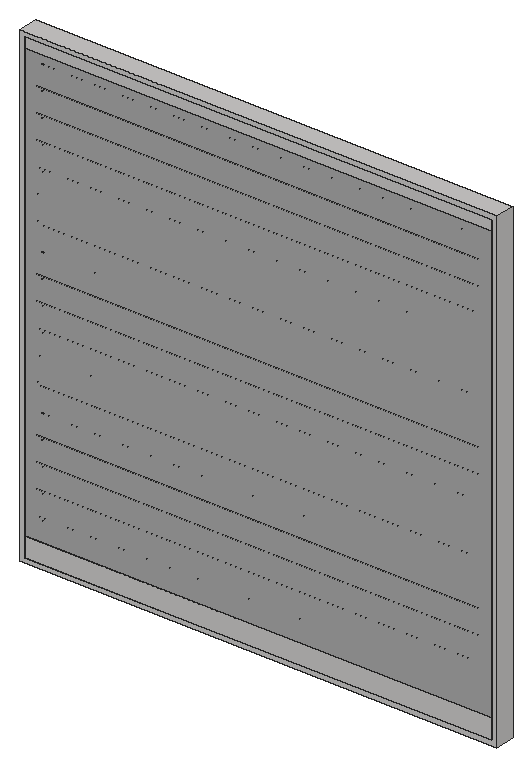
Revit family
Parameters (values of type "Louver_Frmd-Mtl_SFJ-245_All-Lite")
  URL = "http://www.alllite-louvers.com"
  Specifications = "http://www.alllite-louvers.com/catalog/ASFJ-245-csi-specification.doc"
  Spacing = 0.208 ft
  SmartBIM Object Version = 3  # constant formula
  SmartBIM Object Created By = "Reed Construction Data"  # constant formula
  Shim Thickness = 0.042 ft
  Screen Width = Width - (2 * Shim Thickness) - 2 * 0.083333 ft  # 3.749333 ft
  Screen Height = Height - (2 * Shim Thickness)  # 3.916 ft
  Screen = Aluminum
  Rough Width = 0.0 ft
  Rough Height = 0.0 ft
  Product URL = "http://www.alllite-louvers.com/catalog.php?model=SFJ-245"
  Pressure Loss (in.wg.) = "0.06"  # constant formula
  OmniClass Title = "Exterior Louvers and Grilles"  # constant formula
  OmniClass Code = "23-60 11 17"  # constant formula
  Model Number = "SFJ-245"  # constant formula
  Minimum Size = "12\" x 12\""
  Maximum Size - Single Section = "60\" x 120\" or 120\" x 60\""
  Maximum Size - Multiple Section = "Unlimited"
  Manufacturer = "All-Lite"  # constant formula
  Louver Width = Width - (2 * Shim Thickness) - 0.166667 ft  # 3.749333 ft
  Louver = Galvannealed Steel
  Height = 4.0 ft
  Free Area for 48”x48” Louver = "42.0%"
  Free Area Velocity (fpm) = "603"  # constant formula
  Free Area (ft²) for 48"x48" Louver = 6.7 ft
  Frame = Galvannealed Steel
  Default Sill Height = 3.0 ft
  Wall Closure = (empty or 0)
  Width = 4.0 ft
  Cut Sheet = "http://www.alllite-louvers.com/catalog/ASFJ245.pdf"
  Assembly Code = "B2010300"
  Air Volume Delivered (cfm) = "4,040"  # constant formula
  95 CSI = "10200 "  # constant formula
  04 CSI = "08 91 00"  # constant formula
  # of Louvers = (Height - 0.25 ft) / (Spacing)  # 18
Reference planes (ft)
  plane 1 "Center (Front/Back)": y = 0
  plane 2: z = 0.291667
  plane 3 "Center (Left/Right)": x = 0
  plane 4 "Left": x = -2
  plane 5 "Right": x = 2
  plane 6 "Sill": z = 3.291667
  plane 7 "Top": z = 7.291667
  plane 8: x = -1.958
  plane 9: x = 1.958
  plane 10: z = 7.249667
  plane 11: z = 3.333667
  plane 12: z = 5.291667
  plane 13: z = 6.940896
  plane 14: z = 3.458667
Forms (ft)
  Sweep 1, solid, material "Galvannealed Steel" <- "Frame"
    path origin (-5, 0.333333, 0) x (-1, 0, 0) y (0, 0, 1)
      loop
        line (-6.958, 7.249667) -> (-3.042, 7.249667)
    profile "Head Horizontal Mullion : Head Horizontal Mullion" origin (0, 0.333333, 7.249667) x (0, 0, 1) y (0, 1, 0)
      loop
        line (-0.010417, -0.156289) -> (-0.072917, -0.156289) -> (-0.072917, -0.010417) -> (-0.010417, -0.010417) -> (-0.010417, -0.041667) -> (0, -0.041667) -> (0, 0) -> (-0.083333, 0) -> (-0.083333, -0.166706) -> (0, -0.166706) -> (0, -0.125039) -> (-0.010417, -0.125039) -> (-0.010417, -0.156289)
  Sweep 2, solid, material "Galvannealed Steel" <- "Frame"
    path origin (-5, 0.333333, 0) x (-1, 0, 0) y (0, 0, 1)
      loop
        line (-6.958, 3.333667) -> (-3.042, 3.333667)
    profile "Horizontal Mullion : Horizontal Mullion" origin (0, 0.333333, 3.333667) x (0, 0, 1) y (0, 1, 0)
      loop
        line (0.010417, -0.15625) -> (0.010417, -0.118404) -> (0, -0.118404) -> (0, -0.166667) -> (0.083333, -0.166667) -> (0.166667, -0.166667) -> (0.166667, -0.15625) -> (0.083333, -0.15625) -> (0.083333, 0) -> (0, 0) -> (0, -0.041667) -> (0.010417, -0.041667) -> (0.010417, -0.010417) -> (0.072917, -0.010417) -> (0.072917, -0.15625) -> (0.010417, -0.15625)
  Sweep 3, solid, material "Galvannealed Steel" <- "Frame"
    path origin (-5, 0.333333, 0) x (-1, 0, 0) y (0, 0, 1)
      loop
        line (-6.958, 3.417) -> (-6.958, 7.166333)
    profile "Vertical Mullion : Vertical Mullion" origin (1.958, 0.333333, 5.291667) x (1, 0, 0) y (0, 1, 0)
      loop
        line (-0.010417, -0.010417) -> (-0.010417, -0.041667) -> (0, -0.041667) -> (0, 0) -> (-0.083333, 0) -> (-0.083333, -0.15625) -> (0, -0.15625) -> (0, -0.114583) -> (-0.010417, -0.114583) -> (-0.010417, -0.145833) -> (-0.072917, -0.145833) -> (-0.072917, -0.010417) -> (-0.010417, -0.010417)
  Sweep 4, solid, material "Galvannealed Steel" <- "Frame"
    path origin (5, 0.333333, 0) x (1, 0, 0) y (0, 0, -1)
      loop
        line (-6.958, -3.417) -> (-6.958, -7.166333)
    profile "Vertical Mullion : Vertical Mullion" origin (-1.958, 0.333333, 5.291667) x (1, 0, 0) y (0, 1, 0)
      loop
        line (0.010417, -0.010417) -> (0.072917, -0.010417) -> (0.072917, -0.145833) -> (0.010417, -0.145833) -> (0.010417, -0.114583) -> (0, -0.114583) -> (0, -0.15625) -> (0.083333, -0.15625) -> (0.083333, 0) -> (0, 0) -> (0, -0.041667) -> (0.010417, -0.041667) -> (0.010417, -0.010417)
  Sweep 5, solid, material "Galvannealed Steel" <- "Frame"
    path origin (-5, 0.333333, 0) x (-1, 0, 0) y (0, 0, 1)
      loop
        line (-3, 7.291667) -> (-7, 7.291667) -> (-7, 3.291667) -> (-3, 3.291667) -> (-3, 7.291667)
    profile origin (-2, 0.333333, 5.291667) x (0, 1, 0) y (-1, 0, 0)
      loop
        line (0, 0) -> (-0.166667, 0) -> (-0.166667, -0.042) -> (0, -0.042) -> (0, 0)
  Extrusion 6, solid, material "Aluminum" <- "Screen"
    sketch origin (1.385417, 0.0075, 7.25) x (-1, 0, 0) y (0, 0, -1)
      loop
        line (3.343417, 0.083667) -> (3.343417, 3.749667) -> (-0.572583, 3.749667) -> (-0.572583, 0.083667) -> (3.343417, 0.083667)
    from -0.169583 to -0.159167
Lines and regions (ft)
  Opening 1
    outline origin (-5, -0.333333, 0) x (1, 0, 0) y (0, 0, 1)
      loop
        line (3, 7.291667) -> (3, 3.291667) -> (7, 3.291667) -> (7, 7.291667) -> (3, 7.291667)
  Masking region 1, detail levels fine
    outline origin (0, 0, 0) x (1, 0, 0) y (0, 1, 0)
      loop
        line (-1.958, 0.291667) -> (-1.947583, 0.291667) -> (-1.947583, 0.322917) -> (-1.885083, 0.322917) -> (-1.885083, 0.1875) -> (-1.947583, 0.1875) -> (-1.947583, 0.21875) -> (-1.958, 0.21875) -> (-1.958, 0.177083) -> (-1.874667, 0.177083) -> (-1.874667, 0.333333) -> (-1.958, 0.333333) -> (-1.958, 0.291667)
      loop
        line (1.958, 0.333333) -> (1.874667, 0.333333) -> (1.874667, 0.177083) -> (1.958, 0.177083) -> (1.958, 0.21875) -> (1.947583, 0.21875) -> (1.947583, 0.1875) -> (1.885083, 0.1875) -> (1.885083, 0.322917) -> (1.947583, 0.322917) -> (1.947583, 0.291667) -> (1.958, 0.291667) -> (1.958, 0.333333)
  Masking region 2, detail levels coarse+medium
    outline origin (0, 0, 0) x (1, 0, 0) y (0, 1, 0)
      loop
        line (-2, 0.333333) -> (-2, 0.166667) -> (-1.874667, 0.166667) -> (-1.874667, 0.333333) -> (-2, 0.333333)
      loop
        line (2, 0.333333) -> (1.874667, 0.333333) -> (1.874667, 0.166667) -> (2, 0.166667) -> (2, 0.333333)
Text (ft)
  text "EXTERIOR" at (-4.890733, 4.242245, 0), in view "Ref. Level"
  text "INTERIOR" at (-4.890733, -3.147199, 0), in view "Ref. Level"
  text "Exterior" at (0, 3.638026, 10.266337), in view "Left"
  text "Exterior" at (0, 1.524487, 10.420622), in view "Right"
Dimensions and locks (ft)
  equal spacing: plane 4 "Left", plane 3 "Center (Left/Right)", plane 5 "Right"
  "Width": plane 4 "Left" to plane 5 "Right"
  "Height": plane 6 "Sill" to plane 7 "Top"
  "Default Sill Height": plane 2 to plane 6 "Sill"
  "Shim Thickness": plane 4 "Left" to plane 8
  "Shim Thickness": plane 9 to plane 5 "Right"
  "Shim Thickness": plane 10 to plane 7 "Top"
  "Shim Thickness": plane 6 "Sill" to plane 11
  equal spacing: plane 11, plane 12, plane 10
  Sweep 5 to Sweep 5 = 0.166667 ft
  locked: plane 10 to plane 13 at 0.30877
  locked: plane 14 to plane 11 at 0.125
  equal spacing: group 1, group 3, group 4, group 5, group 6, group 7, group 8, group 9, group 10, group 11, group 12, group 13, group 14, group 15, group 16, group 17, group 18, group 2  (x2)
  equal spacing: group 2, group 18, group 17, group 16, group 15, group 14, group 13, group 12, group 11, group 10, group 9, group 8, group 7, group 6, group 5, group 4, group 3, group 1
  aligned and locked: plane 7 "Top" to Opening 1 sketch curve
  aligned and locked: plane 6 "Sill" to Opening 1 sketch curve  (x2)
  aligned and locked: plane 5 "Right" to Opening 1 sketch curve
  aligned and locked: plane 4 "Left" to Opening 1 sketch curve
  aligned and locked: plane 10 to Sweep 1 sketch curve
  aligned and locked: Sweep 2 sketch curve to plane 11
  aligned and locked: plane 9 to Sweep 3 sketch curve
  aligned and locked: Sweep 4 sketch curve to plane 8
  aligned and locked: Sweep 5 sketch curve to plane 4 "Left"
  aligned and locked: Sweep 5 sketch curve to plane 7 "Top"
  aligned and locked: Sweep 5 sketch curve to plane 6 "Sill"
  aligned and locked: Sweep 5 sketch curve to plane 5 "Right"
  aligned and locked: Sweep 5 sketch curve to host wall  (x2)
  aligned and locked: plane 8 to Sweep 5 sketch curve
  aligned and locked: profile plane to host wall
  aligned and locked: Sweep 3 sketch curve to Sweep 1
  aligned and locked: plane 9 to Sweep 2 sketch curve
  aligned and locked: plane 8 to Sweep 2 sketch curve
  aligned and locked: plane 9 to Sweep 1 sketch curve
  aligned and locked: plane 8 to Sweep 1 sketch curve
  aligned and locked: plane 3 "Center (Left/Right)" to nested 1
  aligned and locked: plane 14 to nested 2
  aligned and locked: plane 3 "Center (Left/Right)" to nested 2
  aligned and locked: Sweep 2 to Extrusion 6 sketch curve
  aligned and locked: Sweep 1 to Extrusion 6 sketch curve
  aligned and locked: Extrusion 6 sketch curve to Sweep 4
  aligned and locked: Extrusion 6 sketch curve to Sweep 3
  aligned and locked: Extrusion 6 to Sweep 3
  aligned and locked: Sweep 2 to Extrusion 6
  aligned and locked: Sweep 5 sketch curve to Extrusion 6
  aligned and locked: nested 1 to Sweep 1
  aligned and locked: Sweep 5 to nested 1
  aligned and locked: Sweep 5 to nested 2
  aligned and locked: Masking region 1 sketch curve to Sweep 4  (x9)
  aligned and locked: Sweep 5 to Masking region 1 sketch curve  (x2)
  aligned and locked: Extrusion 6 to Masking region 1 sketch curve
  aligned and locked: Masking region 1 sketch curve to Sweep 5
  aligned and locked: Masking region 1 sketch curve to Sweep 3  (x9)
  aligned and locked: Masking region 1 sketch curve to Extrusion 6
  aligned and locked: Masking region 2 sketch curve to host wall  (x3)
  aligned and locked: Sweep 5 to Masking region 2 sketch curve
  aligned and locked: Masking region 2 sketch curve to nested 17  (x2)
  aligned and locked: host wall to Masking region 2 sketch curve
  aligned and locked: Extrusion 6 to Masking region 2 sketch curve
Automatic sketch dimensions
  Sweep 4 sketch curve to plane 10 = 0.083333 ft
  plane 11 to Sweep 3 sketch curve = 0.083333 ft
  plane 11 to Sweep 4 sketch curve = 0.083333 ft
  Masking region 1 sketch curve to plane 9 = 0.0 ft
Nested families (ft)
  nested 1: "Louver Single" at (0, 0.251577, 6.892405), type "Louver"
  nested 2: "Louver Single" at (0, 0.251577, 3.458667), type "Louver"
  nested 3: "Louver Single" at (0, 0.251577, 6.69042), type "Louver"
  nested 4: "Louver Single" at (0, 0.251577, 6.488436), type "Louver"
  nested 5: "Louver Single" at (0, 0.251577, 6.286451), type "Louver"
  nested 6: "Louver Single" at (0, 0.251577, 6.084466), type "Louver"
  nested 7: "Louver Single" at (0, 0.251577, 5.882482), type "Louver"
  nested 8: "Louver Single" at (0, 0.251577, 5.680497), type "Louver"
  nested 9: "Louver Single" at (0, 0.251577, 5.478513), type "Louver"
  nested 10: "Louver Single" at (0, 0.251577, 5.276528), type "Louver"
  nested 11: "Louver Single" at (0, 0.251577, 5.074543), type "Louver"
  nested 12: "Louver Single" at (0, 0.251577, 4.872559), type "Louver"
  nested 13: "Louver Single" at (0, 0.251577, 4.670574), type "Louver"
  nested 14: "Louver Single" at (0, 0.251577, 4.46859), type "Louver"
  nested 15: "Louver Single" at (0, 0.251577, 4.266605), type "Louver"
  nested 16: "Louver Single" at (0, 0.251577, 4.06462), type "Louver"
  nested 17: "Louver Single" at (0, 0.251577, 3.862636), type "Louver"
  nested 18: "Louver Single" at (0, 0.251577, 3.660651), type "Louver"
Connectors (ft)
  hvac at (0, 0.166667, 5.333333), driven by "Screen Height", driven by "Screen Width"
    settings: on Extrusion 6, index 1
Definition of nested family "Louver Single"
  Parameters (values of type "Louver")
    Louver Length = 3.75 ft
    Depth = 0.333333 ft
    Louver Single = yes
    Louver = All-Lite - El Cajon Silver
    Assembly Code = ""
  Reference planes (ft)
    plane 1 "Center (Front/Back)": y = -0.085938
    plane 2: z = 0
    plane 3 "Center (Left/Right)": x = 0
    plane 4: x = -1.875
    plane 5: x = 1.875
    plane 6: y = 0.081756
    plane 7: z = 0.296203
  Forms (ft)
    Extrusion 1, solid, material "All-Lite - El Cajon Silver" <- "Louver"
      sketch origin (0, 0.015228, -0.012755) x (0, 1, 0) y (0, 0, 1)
        loop
          line (0.034532, 0.012755) -> (0.066528, 0.012755) -> (0.066528, 0.076568) -> (0.030913, 0.112182)
          arc (0.030913, 0.112182) -> (0.023596, 0.131196) -> (0.004583, 0.138513) r 0.025093
          line (0.004583, 0.138513) -> (-0.023811, 0.166907)
          arc (-0.023811, 0.166907) -> (-0.031129, 0.185921) -> (-0.050142, 0.193238) r 0.025093
          line (-0.050142, 0.193238) -> (-0.083199, 0.226295) -> (-0.083199, 0.28335) -> (-0.054774, 0.28335) -> (-0.054774, 0.286683) -> (-0.086532, 0.286683) -> (-0.086532, 0.224914) -> (-0.051693, 0.190075)
          arc (-0.051693, 0.190075) -> (-0.043892, 0.171242) -> (-0.02506, 0.163442) r 0.026633
          line (-0.02506, 0.163442) -> (0.003032, 0.13535)
          arc (0.003032, 0.13535) -> (0.010833, 0.116517) -> (0.029665, 0.108717) r 0.026633
          line (0.029665, 0.108717) -> (0.063195, 0.075187) -> (0.063195, 0.016088) -> (0.034532, 0.016088) -> (0.034532, 0.012755)
      from -1.875 to 1.875
  Dimensions and locks (ft)
    equal spacing: plane 4, plane 3 "Center (Left/Right)", plane 5
    "Louver Length": plane 4 to plane 5
    aligned and locked: Extrusion 1 to plane 4
    aligned and locked: plane 5 to Extrusion 1
  Automatic sketch dimensions
    Extrusion 1 sketch curve to plane 6 = 0.0 ft
    Extrusion 1 sketch curve to plane 6 = 0.003333 ft
    Extrusion 1 sketch curve to Extrusion 1 sketch curve = 0.028663 ft
    Extrusion 1 sketch curve to plane 6 = 0.035615 ft
    Extrusion 1 sketch curve to Extrusion 1 sketch curve = 0.001248 ft  (x2)
    Extrusion 1 sketch curve to Extrusion 1 sketch curve = 0.023813 ft
    Extrusion 1 sketch curve to Extrusion 1 sketch curve = 0.00127 ft
    Extrusion 1 sketch curve to Extrusion 1 sketch curve = 0.001551 ft  (x2)
    Extrusion 1 sketch curve to Extrusion 1 sketch curve = 0.028394 ft
    Extrusion 1 sketch curve to plane 7 = 0.118883 ft
    Extrusion 1 sketch curve to plane 7 = 0.115719 ft
    Extrusion 1 sketch curve to Extrusion 1 sketch curve = 0.002821 ft
    Extrusion 1 sketch curve to plane 1 "Center (Front/Back)" = 0.046392 ft
    Extrusion 1 sketch curve to plane 1 "Center (Front/Back)" = 0.017966 ft
    Extrusion 1 sketch curve to Extrusion 1 sketch curve = 0.003333 ft  (x3)
    Extrusion 1 sketch curve to Extrusion 1 sketch curve = 0.024928 ft
    Extrusion 1 sketch curve to Extrusion 1 sketch curve = 0.003163 ft
    Extrusion 1 sketch curve to Extrusion 1 sketch curve = 0.021898 ft  (x2)
    Extrusion 1 sketch curve to Extrusion 1 sketch curve = 0.032149 ft
    Extrusion 1 sketch curve to Extrusion 1 sketch curve = 0.001381 ft  (x2)
    Extrusion 1 sketch curve to Extrusion 1 sketch curve = 0.059099 ft
    Extrusion 1 sketch curve to Extrusion 1 sketch curve = 0.003466 ft
    Extrusion 1 sketch curve to Extrusion 1 sketch curve = 0.057055 ft
    Extrusion 1 sketch curve to plane 7 = 0.084043 ft
